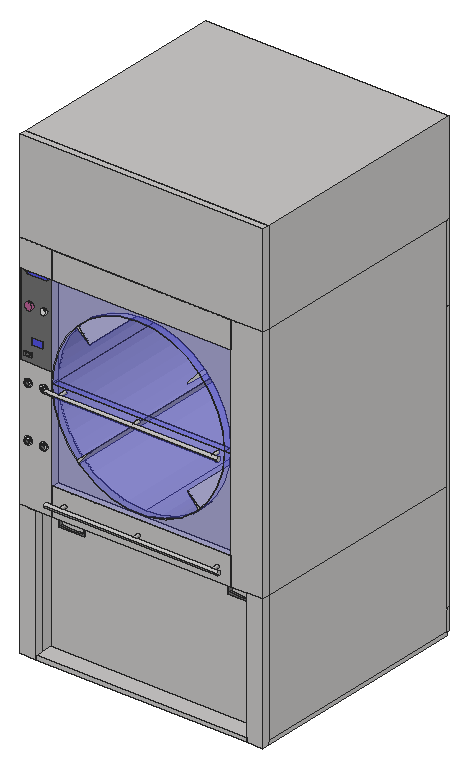
Revit family "QF_ELECTROLUXPROFESSIONAL_1LSPHR_TD6-45SLD_E", category Attrezzature speciali, Revit 2021
Family settings
  Quota connettore circolare = Usa diametro
  Tipo di parte = Normale
  Basato su piano di lavoro = No
  Sempre verticale = Sì
  Taglio con vuoti quando caricato = No
  Condiviso = No
  Punto di calcolo locali = No
Parameters (values of type "1L0H72")
  Weight in Pounds = 494
  Watts = 50.2 W
  Volts = 220 V
  URL = "https://www.electroluxprofessional.com"
  Steam Supply Size = 0 mm
  Steam Supply Minimum Pressure = 0.0 Pa
  Steam Supply Maximum Pressure = 0.0 Pa
  Steam Pounds per Hour = 0
  Prospetto di default = 0 mm
  Produttore = "Electrolux Professional"
  Phase = 3
  Model = ""
  Length Actual = 1314 mm
  Item Number = "9875030023"
  Hot Water Size = 0 mm
  Height Actual = 2465 mm
  Gas Size = 0 mm
  Gas KW = 0
  Direct Waste Size = 0 mm
  Description = "TUMBLE DRYER DRUM VOLUME 900L CAPACITY 45KG/100LB SLIDING DOOR "
  Depth Actual = 1300 mm
  Cycle = 50 Hz
  Condensate Return Size = 0 mm
  Compressed Air Volume = 0.0 L/s
  Compressed Air Size = 0 mm
  Compressed Air Pressure = 0.0 Pa
  Cold Water Size = 0 mm
  ALL_MODEL_IMAGE = 0
Types (5, lengths in mm): name | Weight in Pounds | Watts | Volts | Length Actual | Item Number | Height Actual | Depth Actual
  (no name) | 494 | 50.2 W | 220 V | 1314 | "9875030023" | 2465 | 1300
  1L0H72 | 494 | 50.2 W | 220 V | 1314 | "9875030023" | 2465 | 1300
  1LA271 | 520 | 62.2 W | 380 V | 1290 | "9875030040" | 2465 | 1295
  1LT606 | 546 | 50.2 W | 380 V | 1320 | "9875030007" | 2550 | 1305
  1LT60J | 494 | 62.2 W | 380 V | 1314 | "9875030017" | 2465 | 1300
Reference planes
  plane 1 "Center (Front/Back)": y = 0
  plane 2: z = 0
  plane 3 "Center (Left/Right)": x = 0
  plane 4 "LEFT": x = -645
  plane 5 "RIGHT": x = 675
  plane 6 "BACK": y = 607.5
  plane 7 "FRONT": y = -697.5
  plane 8 "voidPanel": through (0, -279.09, 846.678) normal (0, -0.9308, 0.3656)
  plane 9 "TOP": z = 2550
  plane 10: z = 2050
  plane 11: z = 930
  plane 12 "GasZ": z = 2130
  plane 13 "EI_Z": z = 1670
  plane 14 "SteamReturn_Z": z = 2130
  plane 15 "SteamInletZ": z = 2425
  plane 16: z = 750
  plane 17 "Maniglia": z = 825
  plane 18: x = 510
  plane 19 "STEAM_x": x = 145
  plane 20 "GAS_x": x = 15
  plane 21 "Button1": x = -600
  plane 22 "Button2": x = -515
  plane 23 "AIR_z": z = 330
  plane 24: z = 2660
  plane 25: y = -942.5
Forms (mm)
  Revolve 1, solid, material "Glass"
    sketch origin (0, -25, 1395) x (-1, 0, 0) y (0, -1, 0)
      loop
        line (271.034, -452.879) -> (240.785, -467.184)
        arc (240.785, -467.184) -> (232.42, -469.524) -> (223.77, -470.313) r 47.824
        line (223.77, -470.313) -> (0, -470.313) -> (0, -472.313) -> (223.77, -472.313)
        arc (223.77, -472.313) -> (232.82, -471.484) -> (241.57, -469.025) r 49.824
        line (241.57, -469.025) -> (271.889, -454.687)
        arc (271.889, -454.687) -> (278.705, -450.474) -> (284.416, -444.854) r 35.892
        line (284.416, -444.854) -> (447.003, -444.854)
        arc (447.003, -444.854) -> (463.264, -438.119) -> (470, -421.858) r 22.997
        line (470, -421.858) -> (470, 672.5) -> (465, 672.5) -> (465, -421.858)
        arc (465, -421.858) -> (459.729, -434.583) -> (447.003, -439.854) r 17.997
        line (447.003, -439.854) -> (285.5, -439.854)
        arc (285.5, -439.854) -> (279.222, -447.428) -> (271.034, -452.879) r 33.892
      axis (0, -472.313) -> (0, 672.5)
    angle from 0 to 360
  Extrusion 2, solid, material "QF_Finishes_Rubber Black"
    sketch origin (25, 0, 0) x (1, 0, 0) y (0, 1, 0)
      loop
        circle (-610, 510.1) r 20
    from 0 to 10
  Extrusion 3, solid, material "QF_Finishes_Stainless Steel"
    sketch origin (25, 0, 0) x (1, 0, 0) y (0, 1, 0)
      loop
        circle (-610, 510.1) r 11
    from 10 to 25
  Extrusion 4, solid, material "QF_Finishes_Rubber Black"
    sketch origin (25, 0, 0) x (1, 0, 0) y (0, 1, 0)
      loop
        circle (-610, -596.3) r 20
    from 0 to 10
  Extrusion 5, solid, material "QF_Finishes_Stainless Steel"
    sketch origin (25, 0, 0) x (1, 0, 0) y (0, 1, 0)
      loop
        circle (-610, -596.3) r 11
    from 10 to 25
  Extrusion 6, solid, material "QF_Finishes_Rubber Black"
    sketch origin (-25, 0, 0) x (-1, 0, 0) y (0, -1, 0)
      loop
        circle (-640, -510.1) r 20
    from 0 to 10
  Extrusion 7, solid, material "QF_Finishes_Stainless Steel"
    sketch origin (-25, 0, 0) x (-1, 0, 0) y (0, -1, 0)
      loop
        circle (-640, -510.1) r 11
    from 10 to 25
  Extrusion 8, solid, material "QF_Finishes_Rubber Black"
    sketch origin (-25, 0, 0) x (-1, 0, 0) y (0, -1, 0)
      loop
        circle (-640, 596.3) r 20
    from 0 to 10
  Extrusion 9, solid, material "QF_Finishes_Stainless Steel"
    sketch origin (-25, 0, 0) x (-1, 0, 0) y (0, -1, 0)
      loop
        circle (-640, 596.3) r 11
    from 10 to 25
  Extrusion 10, solid, material "QF_Finishes_Stainless Steel"
    sketch origin (0, 607.5, 0) x (0, 0, 1) y (-1, 0, 0)
      loop
        circle (1670, -510) r 5
    from 35 to 45
  Extrusion 11, solid, material "QF_Finishes_Dark Grey"
    sketch origin (0, -697.5, 0) x (0, 0, 1) y (-1, 0, 0)
      loop
        line (1900, 472) -> (1900, 486.361) -> (1885, 501.361) -> (1885, 601.361) -> (1900, 616.361) -> (1900, 643) -> (1455, 643) -> (1455, 472) -> (1900, 472)
      loop
        line (1547.246, 521.361) -> (1582.246, 521.361) -> (1582.246, 581.361) -> (1547.246, 581.361) -> (1547.246, 521.361)
    from 0 to -40
  Extrusion 12, solid, material "QF_Finishes_Stainless Steel"
    sketch origin (0, -697.5, 0) x (0, 0, 1) y (-1, 0, 0)
      loop
        line (2050, -675) -> (2050, 645) -> (750, 645) -> (750, -675) -> (2050, -675)
      loop
        circle (1395, 0) r 470
    from -1248 to -40
  Extrusion 13, solid, material "QF_Finishes_Stainless Steel"
    sketch origin (0, -697.5, 0) x (0, 0, 1) y (-1, 0, 0)
      loop
        line (2550, 645) -> (2050, 645) -> (2050, -675) -> (2550, -675) -> (2550, 645)
    from 0 to -40
  Extrusion 14, solid, material "QF_Finishes_Stainless Steel"
    sketch origin (0, -697.5, 0) x (0, 0, 1) y (-1, 0, 0)
      loop
        line (2550, 645) -> (2050, 645) -> (2050, -675) -> (2550, -675) -> (2550, 645)
    from -40 to -1260
  Extrusion 15, solid, material "QF_Finishes_Stainless Steel"
    sketch origin (0, 0, 0) x (0, 1, 0) y (0, 0, 1)
      loop
        circle (-742.5, 825) r 10
    from -470 to 470
  Extrusion 16, solid, material "QF_Finishes_Stainless Steel"
    sketch origin (0, -697.5, 0) x (0, 0, 1) y (-1, 0, 0)
      loop
        circle (825, 0) r 7.495
      loop
        circle (825, 400) r 7.495
      loop
        circle (825, -430) r 7.495
    from 0 to 45.288
  Extrusion 17, solid, material "QF_Finishes_Stainless Steel"
    sketch origin (0, 0, 0) x (1, 0, 0) y (0, 1, 0)
      loop
        line (-645, 550.5) -> (-645, -657.5) -> (675, -657.5) -> (675, 550.5) -> (-645, 550.5)
    from 45 to 25
  Extrusion 18, solid, material "QF_Finishes_Stainless Steel"
    sketch origin (0, -697.5, -1800) x (0, 0, 1) y (-1, 0, 0)
      loop
        line (2550, 645) -> (1825, 645) -> (1825, 557.5) -> (2550, 557.5) -> (2550, 645)
      loop
        line (2550, -675) -> (2550, -587.5) -> (1825, -587.5) -> (1825, -675) -> (2550, -675)
    from 0 to -40
  Extrusion 19, solid, material "QF_Finishes_Stainless Steel"
    sketch origin (0, -697.5, -1800) x (0, 0, 1) y (-1, 0, 0)
      loop
        line (2550, 645) -> (1845, 645) -> (1845, -675) -> (2550, -675) -> (2550, 645)
    from -40 to -1248
  Extrusion 20, solid, material "QF_Finishes_Stainless Steel"
    sketch origin (0, 607.5, 0) x (0, 0, 1) y (-1, 0, 0)
      loop
        line (1630, 645) -> (159, 645) -> (159, -675) -> (1630, -675) -> (1630, 645)
      loop
        circle (330, 415) r 165.732
    from 45 to 57
  Extrusion 21, solid, material "QF_Finishes_Stainless Steel"
    sketch origin (0, 607.5, 85) x (0, 0, 1) y (-1, 0, 0)
      loop
        circle (245, 415) r 157.5
    from 27 to 57
  Extrusion 22, solid, material "QF_Finishes_Stainless Steel"
    sketch origin (0, 607.5, 0) x (0, 0, 1) y (-1, 0, 0)
      loop
        line (2050, -675) -> (2050, 645) -> (1630, 645) -> (1630, -335) -> (1710, -335) -> (1710, -635) -> (1630, -635) -> (1630, -675) -> (2050, -675)
    from 45 to 57
  Extrusion 23, solid, material "QF_Finishes_Stainless Steel"
    sketch origin (0, 607.5, 0) x (0, 0, 1) y (-1, 0, 0)
      loop
        circle (1395, 0) r 602.448
    from 82 to 57
  Extrusion 24, solid, material "QF_Finishes_Stainless Steel"
    sketch origin (0, 607.5, 0) x (0, 0, 1) y (-1, 0, 0)
      loop
        line (1811, -415) -> (1731, -415) -> (1731, -495) -> (1811, -495) -> (1811, -415)
    from 35 to 45
  Extrusion 25, solid, material "QF_Finishes_Stainless Steel"
    sketch origin (0, 607.5, 0) x (0, 0, 1) y (-1, 0, 0)
      loop
        circle (1771, -455) r 40
    from 15 to 35
  Extrusion 26, solid, material "QF_Finishes_Stainless Steel"
    sketch origin (0, 607.5, 0) x (0, 0, 1) y (-1, 0, 0)
      loop
        line (1806, -450) -> (1736.952, -450) -> (1736.952, -460) -> (1806, -460) -> (1806, -450)
    from 0 to 15
  Extrusion 27, solid, material "QF_Finishes_Blue"
    sketch origin (0, -697.5, -55) x (0, 0, 1) y (-1, 0, 0)
      loop
        line (1955, 616.361) -> (1940, 601.361) -> (1940, 501.361) -> (1955, 486.361) -> (1955, 616.361)
    from 0 to -40
  Extrusion 28, solid, material "QF_Finishes_Red"
    sketch origin (10, -697.5, -245) x (0, 0, 1) y (-1, 0, 0)
      loop
        circle (1980, 601.361) r 20
    from 10 to 0
  Extrusion 29, solid, material "QF_Finishes_White"
    sketch origin (-1112.721, -697.5, -245) x (0, 0, 1) y (-1, 0, 0)
      loop
        circle (1980, -601.361) r 15
    from 10 to 0
  Extrusion 30, solid, material "QF_Finishes_Blue"
    sketch origin (0, -697.5, -325) x (0, 0, 1) y (-1, 0, 0)
      loop
        line (1907.246, 581.361) -> (1872.246, 581.361) -> (1872.246, 521.361) -> (1907.246, 521.361) -> (1907.246, 581.361)
    from 0 to -40
  Extrusion 31, solid, material "QF_Finishes_Dark Grey"
    sketch origin (0, -697.5, -325) x (0, 0, 1) y (-1, 0, 0)
      loop
        line (1830.636, 611.24) -> (1814.636, 611.24) -> (1814.636, 587.24) -> (1830.636, 587.24) -> (1830.636, 611.24)
      loop
        line (1812.636, 619.24) -> (1812.636, 579.24) -> (1832.636, 579.24) -> (1832.636, 619.24) -> (1812.636, 619.24)
    from 5 to 0
  Extrusion 32, solid, material "QF_Finishes_Dark Grey"
    sketch origin (0, -697.5, -325) x (0, 0, 1) y (-1, 0, 0)
      loop
        line (1815.636, 588.24) -> (1829.636, 588.24) -> (1829.636, 607.24) -> (1815.636, 607.24) -> (1815.636, 588.24)
    from 5 to 0
  Extrusion 33, solid, material "QF_Finishes_Stainless Steel"
    sketch origin (0, -697.5, 0) x (0, 0, 1) y (-1, 0, 0)
      loop
        line (750, 470) -> (2050, 470) -> (2050, 645) -> (750, 645) -> (750, 470)
      loop
        line (1455, 472) -> (1900, 472) -> (1900, 643) -> (1455, 643) -> (1455, 472)
    from 0 to -40
  Extrusion 34, solid, material "Glass"
    sketch origin (-2.279, -697.5, 0) x (0, 0, 1) y (-1, 0, 0)
      loop
        line (1900, 467.721) -> (1395, 467.721) -> (1395, -502.279) -> (1900, -502.279) -> (1900, 467.721)
    from 0 to -40
  Extrusion 35, solid, material "Glass"
    sketch origin (0, -697.5, 0) x (0, 0, 1) y (-1, 0, 0)
      loop
        line (1395, 470) -> (900, 470) -> (900, -500) -> (1395, -500) -> (1395, 470)
    from 0 to -40
  Extrusion 36, solid, material "QF_Finishes_Stainless Steel"
    sketch origin (0, -697.5, 2630) x (0, 0, -1) y (1, 0, 0)
      loop
        line (730, -470) -> (730, 500) -> (580, 500) -> (580, -470) -> (730, -470)
    from 0 to -40
  Extrusion 37, solid, material "QF_Finishes_Stainless Steel"
    sketch origin (0, -697.5, 0) x (0, 0, 1) y (-1, 0, 0)
      loop
        line (750, -500) -> (750, -675) -> (2050, -675) -> (2050, -500) -> (750, -500)
    from -40 to 0
  Extrusion 38, solid, material "QF_Finishes_Stainless Steel"
    sketch origin (0, -697.5, 0) x (0, 0, 1) y (-1, 0, 0)
      loop
        line (900, 470) -> (750, 470) -> (750, -500) -> (900, -500) -> (900, 470)
    from 0 to -40
  Extrusion 39, solid, material "QF_Finishes_Stainless Steel"
    sketch origin (0, -697.5, 0) x (0, 0, 1) y (-1, 0, 0)
      loop
        line (1060.314, 324.828) -> (1131.765, 266.289)
        arc (1131.765, 266.289) -> (1132.937, 266.347) -> (1132.995, 267.518) r 0.873
        line (1132.995, 267.518) -> (1074.442, 338.778)
        arc (1074.442, 338.778) -> (1067.303, 331.878) -> (1060.314, 324.828) r 466.399
      loop
        arc (1060.314, -324.828) -> (1067.303, -331.878) -> (1074.442, -338.778) r 466.399
        line (1074.442, -338.778) -> (1132.995, -267.518)
        arc (1132.995, -267.518) -> (1132.937, -266.347) -> (1131.765, -266.289) r 0.873
        line (1131.765, -266.289) -> (1060.314, -324.828)
      loop
        arc (1729.686, 324.828) -> (1722.697, 331.878) -> (1715.558, 338.778) r 466.399
        line (1715.558, 338.778) -> (1657.005, 267.518)
        arc (1657.005, 267.518) -> (1657.063, 266.347) -> (1658.235, 266.289) r 0.873
        line (1658.235, 266.289) -> (1729.686, 324.828)
      loop
        line (1729.686, -324.828) -> (1658.235, -266.289)
        arc (1658.235, -266.289) -> (1657.063, -266.347) -> (1657.005, -267.518) r 0.873
        line (1657.005, -267.518) -> (1715.558, -338.778)
        arc (1715.558, -338.778) -> (1722.697, -331.878) -> (1729.686, -324.828) r 466.399
    from 0 to -1055.325
  Extrusion 40, solid, material "QF_Finishes_White"
    sketch origin (0, -697.5, 0) x (0, 0, 1) y (-1, 0, 0)
      loop
        circle (1356.391, 600) r 20
      loop
        circle (1356.391, 515) r 20
      loop
        circle (1076.391, 600) r 20
      loop
        circle (1076.391, 515) r 20
    from 0 to 1.6
  Extrusion 41, solid, material "QF_Finishes_White"
    sketch origin (0, -697.5, 0) x (0, 0, 1) y (-1, 0, 0)
      loop
        circle (1356.391, 600) r 14
      loop
        circle (1356.391, 600) r 12.986
      loop
        circle (1356.391, 515) r 9
      loop
        circle (1356.391, 515) r 8
      loop
        circle (1076.391, 600) r 14
      loop
        circle (1076.391, 600) r 12.986
      loop
        circle (1076.391, 515) r 14
      loop
        circle (1076.391, 515) r 12.986
    from 1.6 to 10
  Extrusion 42, solid, material "QF_Finishes_Dark Grey"
    sketch origin (0, -697.5, 0) x (0, 0, 1) y (-1, 0, 0)
      loop
        circle (1356.391, 515) r 8
      loop
        circle (1356.391, 600) r 12.986
      loop
        circle (1076.391, 515) r 12.986
      loop
        circle (1076.391, 600) r 12.986
    from 1.6 to 10
  Extrusion 43, solid, material "QF_Finishes_Stainless Steel"
    sketch origin (0, 0, 570) x (0, 1, 0) y (0, 0, 1)
      loop
        circle (-742.5, 808) r 10
    from -470 to 470
  Extrusion 44, solid, material "QF_Finishes_Stainless Steel"
    sketch origin (0, -697.5, 570) x (0, 0, 1) y (-1, 0, 0)
      loop
        circle (808, 0) r 7.495
      loop
        circle (808, 400) r 7.495
      loop
        circle (808, -430) r 7.495
    from 0 to 45.288
  Extrusion 45, void
    sketch origin (0, -697.5, 0) x (0, 0, 1) y (-1, 0, 0)
      loop
        line (750, 557.5) -> (45, 557.5) -> (45, -587.5) -> (750, -587.5) -> (750, 557.5)
    from 0 to -100
  Extrusion 46, solid, material "QF_Finishes_Stainless Steel"
    sketch origin (0, -697.5, 0) x (0, 0, 1) y (-1, 0, 0)
      loop
        line (45, 557.5) -> (25, 557.5) -> (25, -587.5) -> (45, -587.5) -> (45, 557.5)
    from 0 to -40
  Extrusion 47, void
    sketch origin (0, -697.5, 0) x (0, 0, 1) y (-1, 0, 0)
      loop
        line (699.085, 515) -> (639.085, 515) -> (639.085, 375) -> (699.085, 375) -> (699.085, 515)
      loop
        line (699.085, -545) -> (699.085, -405) -> (639.085, -405) -> (639.085, -545) -> (699.085, -545)
    from -118.33 to -100
  Extrusion 48, solid, material "QF_Finishes_Dark Grey"
    sketch origin (0, -697.5, 0) x (0, 0, 1) y (-1, 0, 0)
      loop
        line (699.085, 515) -> (639.085, 515) -> (639.085, 375) -> (699.085, 375) -> (699.085, 515)
      loop
        line (694.085, 380) -> (694.085, 510) -> (649.085, 510)
        arc (649.085, 510) -> (642.609, 445) -> (649.085, 380) r 329.475
        line (649.085, 380) -> (694.085, 380)
      loop
        line (699.085, -545) -> (699.085, -405) -> (639.085, -405) -> (639.085, -545) -> (699.085, -545)
      loop
        line (694.085, -410) -> (649.085, -410)
        arc (649.085, -410) -> (642.609, -475) -> (649.085, -540) r 329.475
        line (649.085, -540) -> (694.085, -540) -> (694.085, -410)
    from -118.33 to -100
  Extrusion 49, solid, material "QF_Finishes_Stainless Steel"
    sketch origin (0, 607.5, -840) x (0, 0, 1) y (-1, 0, 0)
      loop
        line (999, 645) -> (885, 645) -> (885, -675) -> (999, -675) -> (999, 645)
    from 45 to 57
  Extrusion 50, solid, material "QF_Clearances", detail levels coarse
    sketch origin (0, 0, 0) x (0, 1, 0) y (0, 0, 1)
      loop
        line (-697.5, 45) -> (-697.5, 2550) -> (323.448, 2550) -> (312.689, 2660) -> (-941.264, 2537.358) -> (-697.5, 45)
    from -645 to 675
Cuts and joins
  joined: Extrusion 15, Extrusion 16
  joined: Extrusion 12, Extrusion 23
  Extrusion 45, Extrusion 47 cuts Extrusion 19
  joined: Extrusion 17, Extrusion 46
Lines and regions (mm)
  symbolic lines
    curve 1: line (-645, 562.5, 744.475) -> (675, 562.5, 744.475)
    curve 2: line (-645, -657.5, 744.475) -> (-645, 562.5, 744.475)
    curve 3: line (675, -657.5, 744.475) -> (-645, -657.5, 744.475)
    curve 4: line (675, 562.5, 744.475) -> (675, -657.5, 744.475)
    curve 5: line (-645, -657.5, 744.475) -> (-645, -697.5, 744.475)
    curve 6: line (-645, -697.5, 744.475) -> (675, -697.5, 744.475)
    curve 7: line (675, -697.5, 744.475) -> (675, -657.5, 744.475)
    curve 8: line (-635, -697.5, 744.475) -> (-635, -699.5, 744.475)
    curve 9: line (-635, -699.5, 744.475) -> (-486.361, -699.5, 744.475)
    curve 10: line (-486.361, -699.5, 744.475) -> (-486.361, -697.5, 744.475)
    curve 11: line (-619.24, -699.5, 744.475) -> (-619.24, -707.5, 744.475)
    curve 12: line (-619.24, -707.5, 744.475) -> (-496.361, -707.5, 744.475)
    curve 13: line (-496.361, -707.5, 744.475) -> (-496.361, -699.5, 744.475)
    curve 14: line (-470, -732.5, 744.475) -> (-470, -752.5, 744.475)
    curve 15: line (-470, -752.5, 744.475) -> (470, -752.5, 744.475)
    curve 16: line (470, -752.5, 744.475) -> (470, -732.5, 744.475)
    curve 17: line (470, -732.5, 744.475) -> (437.495, -732.5, 744.475)
    curve 18: line (437.495, -732.5, 744.475) -> (437.495, -697.5, 744.475)
    curve 19: line (422.505, -732.5, 744.475) -> (422.505, -697.5, 744.475)
    curve 20: line (422.505, -732.5, 744.475) -> (-392.505, -732.5, 744.475)
    curve 21: arc (437.495, -732.5, 744.475) -> (430, -735.88, 744.475) -> (422.505, -732.5, 744.475) r 10
    curve 28: line (7.495, -732.5, 744.475) -> (7.495, -697.5, 744.475)
    curve 29: line (-7.495, -732.5, 744.475) -> (-7.495, -697.5, 744.475)
    curve 30: arc (7.495, -732.5, 744.475) -> (0, -735.88, 744.475) -> (-7.495, -732.5, 744.475) r 10
    curve 31: line (-392.505, -732.5, 744.475) -> (-392.505, -697.5, 744.475)
    curve 32: line (-407.495, -732.5, 744.475) -> (-407.495, -697.5, 744.475)
    curve 33: arc (-392.505, -732.5, 744.475) -> (-400, -735.88, 744.475) -> (-407.495, -732.5, 744.475) r 10
  symbolic lines, style "SpecialityEquipmentHiddenLines"
    curve 22: line (495, 562.5, 744.475) -> (495, 592.5, 744.475)
    curve 23: line (495, 592.5, 744.475) -> (415, 592.5, 744.475)
    curve 24: line (415, 592.5, 744.475) -> (415, 562.5, 744.475)
    curve 25: line (450, 592.5, 744.475) -> (450, 607.5, 744.475)
    curve 26: line (450, 607.5, 744.475) -> (460, 607.5, 744.475)
    curve 27: line (460, 607.5, 744.475) -> (460, 592.5, 744.475)
    curve 34: line (-407.495, -732.5, 744.475) -> (-470, -732.5, 744.475)
  symbolic lines, style "QF_Clearances"
    curve 35: line (-645, -697.5, 744.475) -> (-645, -941.264, 744.475)
    curve 36: line (-645, -941.264, 744.475) -> (675, -941.264, 744.475)
    curve 37: line (675, -941.264, 744.475) -> (675, -697.5, 744.475)
Dimensions and locks
  plane 7 "FRONT" to plane 6 "BACK" = 1305 mm
  plane 4 "LEFT" to plane 5 "RIGHT" = 1320 mm
  plane 9 "TOP" to level = 2550 mm
  plane 9 "TOP" to plane 10 = 500 mm
  plane 11 to level = 930 mm
  plane 12 "GasZ" to level = 2130 mm
  plane 13 "EI_Z" to level = 1670 mm
  plane 14 "SteamReturn_Z" to level = 2130 mm
  plane 15 "SteamInletZ" to level = 2425 mm
  locked: plane 10 to plane 16 at 1300
  plane 17 "Maniglia" to level = 825 mm
  plane 5 "RIGHT" to plane 18 = 165 mm
  plane 5 "RIGHT" to plane 19 "STEAM_x" = 530 mm
  plane 5 "RIGHT" to plane 20 "GAS_x" = 660 mm
  level to plane 23 "AIR_z" = 330 mm
  plane 24 to level = 2660 mm
  plane 25 to plane 6 "BACK" = 1550 mm
  aligned and locked: level to plane 2
Connectors
  electrical at (510, 572.5, 1670)
    settings: on Extrusion 10, index 6, voltage 0 V, apparent load 0 VA, apparent load phase1 0 VA, apparent load phase2 0 VA, apparent load phase3 0 VA, power factor 1, load classification "Other", number of poles 1, system type 30, power factor state 1, is connector primary yes, connector utility no, sub classification motor no, connector description "Electrical Connection"
  hvac at (-415, 580.5, 330)
    settings: on Extrusion 21, index 9, duct flow 0.0 L/s, flow factor 0, pres drop 0.0 Pa, loss coef 0, conn angle 0.00°, conn width 304.8 mm, conn height 304.8 mm, conn diameter 315 mm, duct sys type 3, conn prof type 0, flow config 1, flow direction 2, loss method 0, conn ref index -1, conn util no, is conn primary yes, conn desc "Exhaust Air Outlet"
